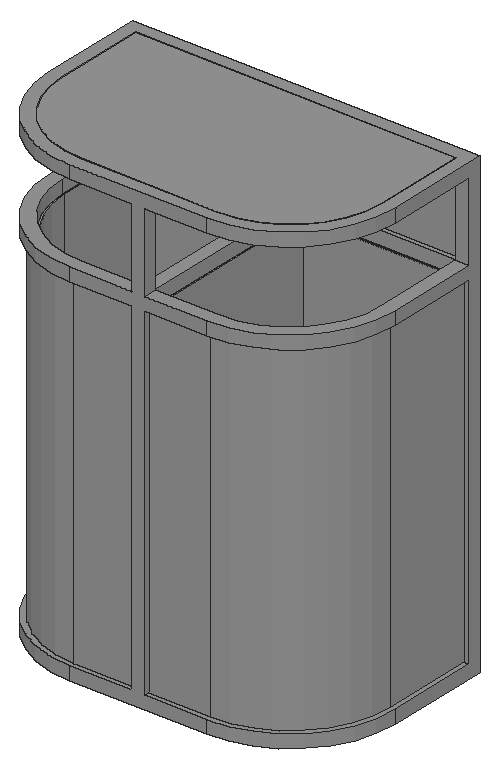
Revit family "Урна для раздельного сбора мусора «Дуализм» Арт 20976", category Антураж, Revit 2018
Family settings
  На основе рабочей плоскости = Нет
  Всегда вертикально = Да
  При загрузке вырезать с полостями = Нет
  Источник визуального образа = Геометрия семейства
  Общий = Нет
  Точка расчета площади = Нет
Parameters (values of type ""Урна для раздельного сбора мусора «Дуализм»"")
  Ширина = 400 mm  # constant formula
  Цвет каркаса = Сталь
  Цвет задней стенки и верха = Серый
  Цвет 2-го бака = Светло серый
  Цвет 1-го бака = Синий
  Описание = "Урна для раздельного сбора мусора «Дуализм»"  # constant formula
  Материал изделия = "Сталь"  # constant formula
  Изображение типоразмера = Урна для раздельного сбора мусора «Дуализм» Арт 20976.jpg
  Изготовитель = "ООО «Хоббика»"  # constant formula
  Длина = 660 mm  # constant formula
  Группа модели = "Уличные урны"  # constant formula
  Высота = 880 mm  # constant formula
  Артикул товара = "Арт. 20976"  # constant formula
  URL = "https://hobbyka.ru/product/urna_dlya_razdelnogo_sbora_musora_dualizm/"
Reference planes
  plane 1 "По центру (Вперед/Назад)": y = 0
  plane 2: z = 0
  plane 3 "По центру (Влево/Вправо)": x = 0
  plane 4: y = 400
  plane 5: x = 660
  plane 6: z = 880
Forms (mm)
  Extrusion 1, solid, material "Сталь" <- "Цвет каркаса"
    sketch origin (0, 0, 0) x (1, 0, 0) y (0, 1, 0)
      loop
        line (0, 400) -> (0, 200)
        arc (0, 200) -> (58.579, 58.579) -> (200, 0) r 200
        line (200, 0) -> (460, 0)
        arc (460, 0) -> (601.421, 58.579) -> (660, 200) r 200
        line (660, 200) -> (660, 400) -> (0, 400)
    from 0 to 25
  Extrusion 2, solid, material "Сталь" <- "Цвет каркаса"
    sketch origin (0, 0, 0) x (1, 0, 0) y (0, 1, 0)
      loop
        line (660, 400) -> (635, 400) -> (635, 375) -> (660, 375) -> (660, 400)
      loop
        line (0, 400) -> (0, 375) -> (25, 375) -> (25, 400) -> (0, 400)
      loop
        line (317.5, 0) -> (342.5, 0) -> (342.5, 25) -> (317.5, 25) -> (317.5, 0)
    from 0 to 880
  Extrusion 3, solid, material "Сталь" <- "Цвет каркаса"
    sketch origin (0, 0, 0) x (1, 0, 0) y (0, 1, 0)
      loop
        arc (0, 200) -> (58.579, 58.579) -> (200, 0) r 200
        line (200, 0) -> (460, 0)
        arc (460, 0) -> (601.421, 58.579) -> (660, 200) r 200
        line (660, 200) -> (660, 400) -> (0, 400) -> (0, 200)
      loop
        line (635, 375) -> (25, 375) -> (25, 200)
        arc (25, 200) -> (76.256, 76.256) -> (200, 25) r 175
        line (200, 25) -> (460, 25)
        arc (460, 25) -> (583.744, 76.256) -> (635, 200) r 175
        line (635, 200) -> (635, 375)
    from 855 to 880
  Extrusion 4, solid, material "Сталь" <- "Цвет каркаса"
    sketch origin (0, 0, 0) x (1, 0, 0) y (0, 1, 0)
      loop
        arc (0, 200) -> (58.579, 58.579) -> (200, 0) r 200
        line (200, 0) -> (460, 0)
        arc (460, 0) -> (601.421, 58.579) -> (660, 200) r 200
        line (660, 200) -> (660, 400) -> (0, 400) -> (0, 200)
      loop
        line (635, 375) -> (25, 375) -> (25, 200)
        arc (25, 200) -> (76.256, 76.256) -> (200, 25) r 175
        line (200, 25) -> (460, 25)
        arc (460, 25) -> (583.744, 76.256) -> (635, 200) r 175
        line (635, 200) -> (635, 375)
    from 680 to 705
  Extrusion 5, solid, material "Синий" <- "Цвет 1-го бака"
    sketch origin (0, 0, 0) x (1, 0, 0) y (0, 1, 0)
      loop
        line (15, 375) -> (10, 375) -> (10, 200)
        arc (10, 200) -> (65.65, 65.65) -> (200, 10) r 190
        line (200, 10) -> (317.5, 10) -> (317.5, 15) -> (200, 15)
        arc (200, 15) -> (69.185, 69.185) -> (15, 200) r 185
        line (15, 200) -> (15, 375)
    from 25 to 680
  Extrusion 6, solid, material "Светло серый" <- "Цвет 2-го бака"
    sketch origin (660, 0, 0) x (-1, 0, 0) y (0, -1, 0)
      loop
        line (15, -375) -> (15, -200)
        arc (15, -200) -> (69.185, -69.185) -> (200, -15) r 185
        line (200, -15) -> (317.5, -15) -> (317.5, -10) -> (200, -10)
        arc (200, -10) -> (65.65, -65.65) -> (10, -200) r 190
        line (10, -200) -> (10, -375) -> (15, -375)
    from 25 to 680
  Extrusion 7, solid, material "Серый" <- "Цвет задней стенки и верха"
    sketch origin (0, 0, 0) x (1, 0, 0) y (0, 1, 0)
      loop
        line (25, 390) -> (25, 385) -> (635, 385) -> (635, 390) -> (25, 390)
    from 25 to 680
  Extrusion 8, solid, material "Серый" <- "Цвет задней стенки и верха"
    sketch origin (0, 0, 0) x (1, 0, 0) y (0, 1, 0)
      loop
        line (25, 375) -> (25, 200)
        arc (25, 200) -> (76.256, 76.256) -> (200, 25) r 175
        line (200, 25) -> (460, 25)
        arc (460, 25) -> (583.744, 76.256) -> (635, 200) r 175
        line (635, 200) -> (635, 375) -> (25, 375)
    from 875 to 880
  Extrusion 9, solid, material "Сталь" <- "Цвет каркаса"
    sketch origin (0, 0, 0) x (1, 0, 0) y (0, 1, 0)
      loop
        line (342.5, 25) -> (342.5, 375) -> (317.5, 375) -> (317.5, 25) -> (342.5, 25)
    from 680 to 705
  Extrusion 10, solid, material "Серый" <- "Цвет задней стенки и верха"
    sketch origin (0, 0, 0) x (1, 0, 0) y (0, 1, 0)
      loop
        line (25, 390) -> (25, 385) -> (635, 385) -> (635, 390) -> (25, 390)
    from 705 to 855
  Extrusion 11, solid, material "Нержавеющая сталь"
    sketch origin (0, 0, 0) x (1, 0, 0) y (0, 1, 0)
      loop
        line (633, 373) -> (344.5, 373) -> (344.5, 27) -> (460, 27)
        arc (460, 27) -> (582.329, 77.671) -> (633, 200) r 173
        line (633, 200) -> (633, 373)
      loop
        line (27, 373) -> (27, 200)
        arc (27, 200) -> (77.671, 77.671) -> (200, 27) r 173
        line (200, 27) -> (315.5, 27) -> (315.5, 373) -> (27, 373)
    from 25 to 680
  Extrusion 12, void
    sketch origin (0, 0, 0) x (1, 0, 0) y (0, 1, 0)
      loop
        line (313.5, 371) -> (29, 371) -> (29, 200)
        arc (29, 200) -> (79.085, 79.085) -> (200, 29) r 171
        line (200, 29) -> (313.5, 29) -> (313.5, 371)
      loop
        line (631, 371) -> (346.5, 371) -> (346.5, 29) -> (460, 29)
        arc (460, 29) -> (580.915, 79.085) -> (631, 200) r 171
        line (631, 200) -> (631, 371)
    from 25 to 730.166
Cuts and joins
  Extrusion 12 cuts Extrusion 1
  Extrusion 12 cuts Extrusion 2
  Extrusion 12 cuts Extrusion 3
  Extrusion 12 cuts Extrusion 4
  Extrusion 12 cuts Extrusion 9
  joined: Extrusion 1, Extrusion 2, Extrusion 3, Extrusion 4, Extrusion 9
  Extrusion 12 cuts Extrusion 11
Dimensions and locks
  "Длина": plane 3 "По центру (Влево/Вправо)" to plane 5
  "Ширина": plane 4 to plane 1 "По центру (Вперед/Назад)"
  "Высота": plane 6 to plane 2
  aligned and locked: level to plane 2
Automatic sketch dimensions
  Extrusion 1 sketch curve to plane 3 "По центру (Влево/Вправо)" = 0 mm
  plane 1 "По центру (Вперед/Назад)" to Extrusion 1 sketch curve = 0 mm
  Extrusion 1 sketch curve to plane 5 = 0 mm
  Extrusion 1 sketch curve to plane 4 = 0 mm
  Extrusion 1 sketch curve to plane 1 "По центру (Вперед/Назад)" = 200 mm  (x2)
  Extrusion 2 sketch curve to plane 3 "По центру (Влево/Вправо)" = 0 mm
  Extrusion 2 sketch curve to plane 4 = 0 mm  (x2)
  plane 1 "По центру (Вперед/Назад)" to Extrusion 2 sketch curve = 0 mm
  Extrusion 2 sketch curve to plane 5 = 0 mm
  plane 3 "По центру (Влево/Вправо)" to Extrusion 2 sketch curve = 25 mm
  plane 3 "По центру (Влево/Вправо)" to Extrusion 2 sketch curve = 317.5 mm
  Extrusion 2 sketch curve to Extrusion 2 sketch curve = 25 mm  (x2)
  Extrusion 2 sketch curve to plane 1 "По центру (Вперед/Назад)" = 25 mm
  Extrusion 2 sketch curve to plane 4 = 25 mm  (x2)
  Extrusion 3 sketch curve to Extrusion 3 sketch curve = 0 mm  (x4)
  Extrusion 3 sketch curve to plane 3 "По центру (Влево/Вправо)" = 0 mm
  plane 1 "По центру (Вперед/Назад)" to Extrusion 3 sketch curve = 0 mm
  Extrusion 3 sketch curve to plane 5 = 0 mm
  Extrusion 3 sketch curve to plane 4 = 0 mm
  plane 3 "По центру (Влево/Вправо)" to Extrusion 3 sketch curve = 25 mm
  plane 3 "По центру (Влево/Вправо)" to Extrusion 3 sketch curve = 200 mm
  Extrusion 3 sketch curve to Extrusion 3 sketch curve = 175 mm
  Extrusion 3 sketch curve to plane 4 = 25 mm
  Extrusion 4 sketch curve to Extrusion 4 sketch curve = 0 mm  (x4)
  Extrusion 4 sketch curve to plane 3 "По центру (Влево/Вправо)" = 0 mm
  plane 1 "По центру (Вперед/Назад)" to Extrusion 4 sketch curve = 0 mm
  Extrusion 4 sketch curve to plane 5 = 0 mm
  Extrusion 4 sketch curve to plane 4 = 0 mm
  plane 3 "По центру (Влево/Вправо)" to Extrusion 4 sketch curve = 25 mm
  plane 3 "По центру (Влево/Вправо)" to Extrusion 4 sketch curve = 200 mm
  Extrusion 4 sketch curve to Extrusion 4 sketch curve = 175 mm
  Extrusion 4 sketch curve to plane 4 = 25 mm
  Extrusion 5 sketch curve to Extrusion 5 sketch curve = 0 mm  (x2)
  plane 3 "По центру (Влево/Вправо)" to Extrusion 5 sketch curve = 10 mm
  Extrusion 5 sketch curve to Extrusion 5 sketch curve = 5 mm
  Extrusion 5 sketch curve to Extrusion 5 sketch curve = 185 mm
  Extrusion 5 sketch curve to plane 1 "По центру (Вперед/Назад)" = 15 mm
  Extrusion 5 sketch curve to Extrusion 5 sketch curve = 117.5 mm
  Extrusion 5 sketch curve to plane 4 = 25 mm
  Extrusion 6 sketch curve to Extrusion 6 sketch curve = 0 mm  (x2)
  plane 5 to Extrusion 6 sketch curve = 10 mm
  Extrusion 6 sketch curve to Extrusion 6 sketch curve = 5 mm
  Extrusion 6 sketch curve to Extrusion 6 sketch curve = 185 mm
  plane 1 "По центру (Вперед/Назад)" to Extrusion 6 sketch curve = 15 mm
  Extrusion 6 sketch curve to Extrusion 6 sketch curve = 117.5 mm
  plane 4 to Extrusion 6 sketch curve = 25 mm
  plane 3 "По центру (Влево/Вправо)" to Extrusion 7 sketch curve = 25 mm
  Extrusion 7 sketch curve to plane 5 = 25 mm
  Extrusion 7 sketch curve to plane 4 = 15 mm
  Extrusion 7 sketch curve to Extrusion 7 sketch curve = 5 mm
  plane 3 "По центру (Влево/Вправо)" to Extrusion 8 sketch curve = 25 mm
  Extrusion 8 sketch curve to plane 1 "По центру (Вперед/Назад)" = 25 mm
  plane 3 "По центру (Влево/Вправо)" to Extrusion 8 sketch curve = 200 mm
  Extrusion 8 sketch curve to plane 5 = 200 mm
  Extrusion 8 sketch curve to plane 5 = 25 mm
  Extrusion 8 sketch curve to plane 4 = 25 mm
  Extrusion 9 sketch curve to plane 1 "По центру (Вперед/Назад)" = 25 mm
  plane 3 "По центру (Влево/Вправо)" to Extrusion 9 sketch curve = 317.5 mm
  Extrusion 9 sketch curve to Extrusion 9 sketch curve = 25 mm
  Extrusion 9 sketch curve to plane 4 = 25 mm
  plane 3 "По центру (Влево/Вправо)" to Extrusion 10 sketch curve = 25 mm
  Extrusion 10 sketch curve to plane 5 = 25 mm
  Extrusion 10 sketch curve to plane 4 = 15 mm
  Extrusion 10 sketch curve to Extrusion 10 sketch curve = 5 mm
  plane 3 "По центру (Влево/Вправо)" to Extrusion 11 sketch curve = 27 mm
  Extrusion 11 sketch curve to Extrusion 11 sketch curve = 173 mm
  Extrusion 11 sketch curve to plane 1 "По центру (Вперед/Назад)" = 27 mm
  Extrusion 11 sketch curve to plane 5 = 200 mm
  Extrusion 11 sketch curve to plane 5 = 27 mm
  Extrusion 11 sketch curve to plane 4 = 27 mm  (x2)
  Extrusion 11 sketch curve to Extrusion 11 sketch curve = 115.5 mm
  Extrusion 11 sketch curve to Extrusion 11 sketch curve = 29 mm
  Extrusion 11 sketch curve to Extrusion 11 sketch curve = 0 mm
  plane 3 "По центру (Влево/Вправо)" to Extrusion 12 sketch curve = 29 mm
  Extrusion 12 sketch curve to plane 1 "По центру (Вперед/Назад)" = 29 mm  (x2)
  plane 3 "По центру (Влево/Вправо)" to Extrusion 12 sketch curve = 200 mm
  Extrusion 12 sketch curve to plane 4 = 29 mm  (x2)
  Extrusion 12 sketch curve to Extrusion 12 sketch curve = 113.5 mm  (x2)
  Extrusion 12 sketch curve to Extrusion 12 sketch curve = 33 mm
  Extrusion 12 sketch curve to plane 5 = 29 mm
